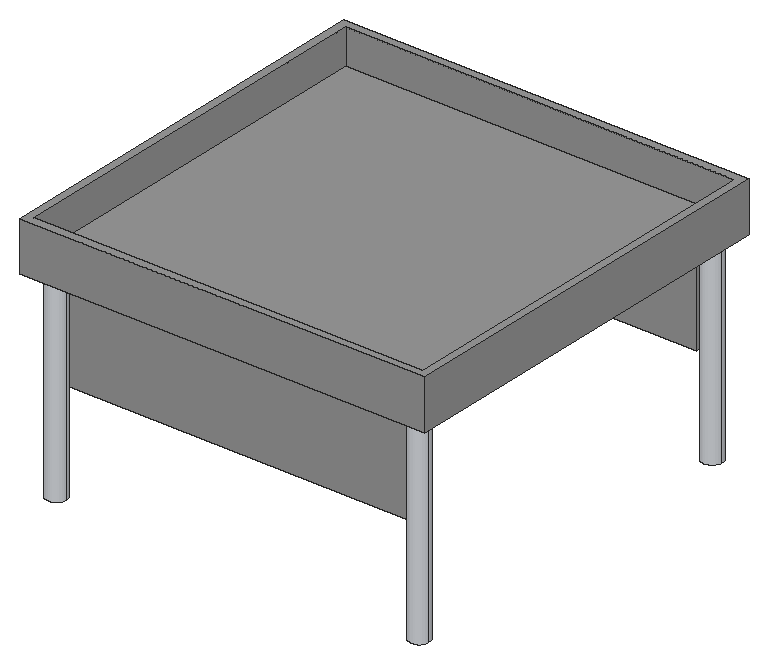
Revit family "Nivellierbare Schwerlastkassette, blind, RKNSL, 21, 9", category Generic Models, Revit 2015
Parameters (values of type "RKN2 9 VMSL1N21")
  Width = 243 mm
  URL = "http://www.obo-bettermann.com"
  Material = Stainless Steel, Polished
  Manufacturer Art.No. = "7409030"
  Manufacturer = "OBO Bettermann"
  Length = 243 mm
  HeightCalc = if(Height < 105 mm, 105 mm, (if(Height > 155 mm, 155 mm, Height)))  # 150 mm
  Height 1 = 30 mm
  Height = 150 mm
  GTIN = "4012195867722"
  Cut depth = 21 mm
  Article Type = "RKN2 9 VMSL1N 21"
Reference planes
  plane 1 "Center (Front/Back)": y = 0
  plane 2: z = 0
  plane 3 "Center (Left/Right)": x = 0
  plane 4: y = 121.5
  plane 5: y = -121.5
  plane 6: z = 150
  plane 7: z = 59
  plane 8: z = 129
  plane 9: z = 120
Forms (mm)
  Extrusion 1, solid
    sketch origin (0, 0, 0) x (1, 0, 0) y (0, 1, 0)
      loop
        circle (-109, -110) r 6
      loop
        circle (-109, 110) r 6
      loop
        circle (109, 110) r 6
      loop
        circle (109, -110) r 6
    from 0 to 120
  Extrusion 2, solid, material "Stainless Steel, Polished" <- "Material"
    sketch origin (0, 0, 0) x (1, 0, 0) y (0, 0, 1)
      loop
        line (-121.5, 150) -> (-121.5, 120) -> (121.5, 120) -> (121.5, 150) -> (-121.5, 150)
    from -121.5 to 121.5
  Extrusion 3, solid, material "Stainless Steel, Polished" <- "Material"
    sketch origin (0, 0, 0) x (1, 0, 0) y (0, 1, 0)
      loop
        line (-104.2, -104.3) -> (-104.2, -106.3) -> (104.2, -106.3) -> (104.2, -104.3) -> (-104.2, -104.3)
      loop
        line (-104.2, 106.3) -> (-104.2, 104.3) -> (104.2, 104.3) -> (104.2, 106.3) -> (-104.2, 106.3)
    from 59 to 120
  Extrusion 4, void
    sketch origin (0, 0, 0) x (1, 0, 0) y (0, 1, 0)
      loop
        line (-117.05, 117.05) -> (-117.05, -117.05) -> (117.05, -117.05) -> (117.05, 117.05) -> (-117.05, 117.05)
    from 129 to 150
Cuts and joins
  Extrusion 4 cuts Extrusion 1
  Extrusion 4 cuts Extrusion 2
  Extrusion 4 cuts Extrusion 3
Dimensions and locks
  "Width": Extrusion 2 sketch curve to Extrusion 2 sketch curve
  "HeightCalc": plane 6 to level
  locked: Extrusion 3 sketch curve to Extrusion 3 sketch curve at 208.4  (x2)
  locked: Extrusion 3 sketch curve to Extrusion 2 at 15.2
  locked: Extrusion 3 sketch curve to Extrusion 3 sketch curve at 2  (x2)
  "Cut depth": plane 6 to plane 8
  "Length": plane 4 to plane 5
  locked: plane 3 "Center (Left/Right)" to Extrusion 2 sketch curve at 121.5
  locked: plane 4 to plane 1 "Center (Front/Back)" at 121.5
  locked: Extrusion 1 sketch curve to plane 1 "Center (Front/Back)" at 110  (x2)
  locked: plane 3 "Center (Left/Right)" to Extrusion 1 sketch curve at 109  (x2)
  locked: Extrusion 1 sketch curve to plane 3 "Center (Left/Right)" at 109  (x2)
  locked: plane 1 "Center (Front/Back)" to Extrusion 1 sketch curve at 110  (x2)
  "Height 1": plane 6 to plane 9
  locked: Extrusion 3 sketch curve to plane 3 "Center (Left/Right)" at 104.2  (x2)
  locked: cut or joined group of Extrusion 2, Extrusion 4 to Extrusion 3 sketch curve at 15.2
  locked: plane 9 to plane 7 at 61
  locked: Extrusion 4 sketch curve to Extrusion 4 sketch curve at 234.1  (x2)
  equal spacing: Extrusion 4 sketch curve, plane 3 "Center (Left/Right)", Extrusion 4 sketch curve, locked at 117.05 each
  equal spacing: Extrusion 4 sketch curve, plane 1 "Center (Front/Back)", Extrusion 4 sketch curve, locked at 117.05 each
  diameter of Extrusion 1 sketch curve = 12 mm  (x4)
  aligned and locked: level to plane 2
  aligned and locked: plane 5 to Extrusion 2
  aligned and locked: Extrusion 2 to plane 4
  aligned and locked: plane 6 to Extrusion 2
  aligned and locked: Extrusion 1 to Extrusion 3
  aligned and locked: Extrusion 3 to plane 7
  aligned and locked: cut or joined group of Extrusion 2, Extrusion 4 to Extrusion 4
  aligned and locked: Extrusion 4 to plane 8
  aligned and locked: Extrusion 2 to plane 9
  aligned and locked: Extrusion 1 to cut or joined group of Extrusion 2, Extrusion 4
Automatic sketch dimensions
  Extrusion 2 sketch curve to plane 6 = 0 mm
  plane 9 to Extrusion 2 sketch curve = 0 mm
